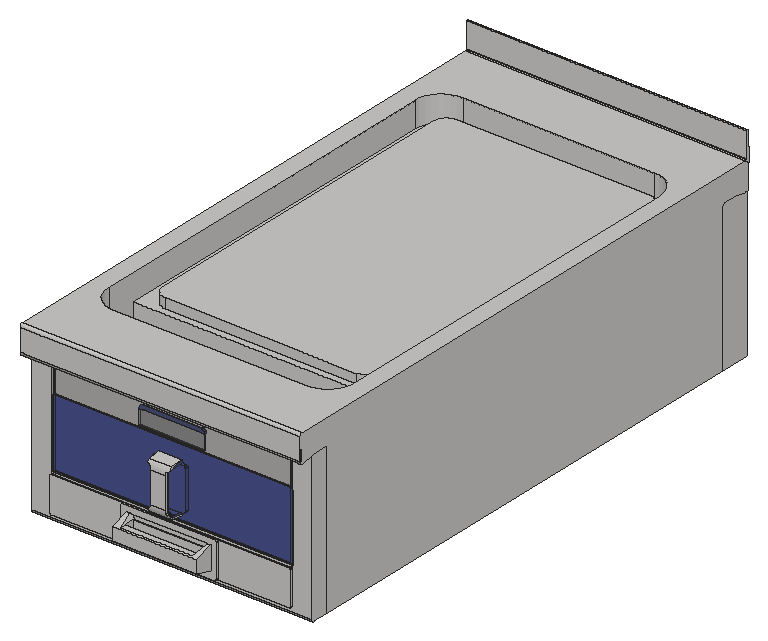
Revit family "QF_ELECTROLUXPROFESSIONAL_588057_MAHMABDOAO", category Specialty Equipment, Revit 2018
Family settings
  Round Connector Dimension = Use Diameter
  Part Type = Normal
  Work Plane-Based = No
  Always vertical = Yes
  Cut with Voids When Loaded = No
  Shared = No
  Room Calculation Point = No
Parameters
  Weight in Pounds = 152.1  # constant formula
  Watts = 5100 VA  # 5100 W
  Volts = 400 V  # constant formula
  URL Cutsheet = ""
  Type Mark [instance] = ""
  Status [instance] = ""
  Specification by User [instance] = ""
  Specification by Manufacturer = ""
  Show Clearance [instance] = yes
  Serial Number = ""
  Seismic Rating = ""
  SMACNA No = ""
  Revision Code [instance] = ""
  Phase = 3  # constant formula
  Omniclass Number and Title = ""
  Number of Poles [instance] = 1
  NAFEM Spec ID Number = ""
  Model = "588057"
  Min Ckt Ampacity = 0 A
  Max Overcurrent Protection = 0 A
  Masterspec = ""
  Manufacturer = "ELECTROLUX"
  Item Number [instance] = ""
  Installed By [instance] = ""
  Identify Quantity as Lot [instance] = yes
  HP = "6.8 HP"
  Furnished By [instance] = ""
  Foodservice Equipment Identifier [instance] = yes
  FL Amps [instance] = if(Phase = 3, Watts / (Volts * 1.73), Watts / Volts)  # 7.36994 A
  Electrical Remarks = "400 V/3N ph/50/60 Hz"  # constant formula
  Electric Connection Type [instance] = ""
  Elec Conn RI Height [instance] = 0 mm
  Elec Conn Connection Height [instance] = 0 mm
  Direct Waste Size = 0"
  Description = "EL.FRYTOP,SMOOTH PL,1S,BSPL,400X800X250"
  Cycle [instance] = if([60 Hertz Option], 60 Hz, 50 Hz)  # 60 Hz
  Conn Plug = ""
  Conn Conduit = yes
  CSI MasterFormat = ""
  CSI Master Format = ""
  Apparent Power [instance] = if(Phase = 3, Volts * FL Amps * 1.73, Volts * FL Amps)  # 5100 VA
  60 Hertz Option [instance] = not([50 Hertz Option])  # yes
  50 Hertz Option [instance] = no
Reference planes
  plane 1 "BACK": y = -100
  plane 2: z = 0
  plane 3 "LEFT": x = 0
  plane 4 "RIGHT": x = 400
  plane 5 "FRONT": y = -900
  plane 6 "TOP": z = 250
  plane 7: x = 200
  plane 8: y = -500
  plane 9: y = -1330
Forms (mm)
  Extrusion 1, solid, material "QF_Finishes_Stainless Steel"
    sketch origin (0, -487.128, 0) x (0, 1, 0) y (0, 0, 1)
      loop
        line (383.128, 250) -> (-408.872, 250)
        arc (-408.872, 250) -> (-411.7, 248.828) -> (-412.872, 246) r 4
        line (-412.872, 246) -> (-412.872, 214)
        arc (-412.872, 214) -> (-411.443, 210.936) -> (-408.177, 210.061) r 4
        line (-408.177, 210.061) -> (-391.509, 213) -> (-366.872, 213) -> (-366.872, 0) -> (341.128, 0) -> (341.128, 213) -> (365.765, 213) -> (382.433, 210.061)
        arc (382.433, 210.061) -> (385.699, 210.936) -> (387.128, 214) r 4
        line (387.128, 214) -> (387.128, 246)
        arc (387.128, 246) -> (385.956, 248.828) -> (383.128, 250) r 4
    from 0 to 400
  Extrusion 2, void
    sketch origin (653.786, -55.952, 250) x (1, 0, 0) y (0, -1, 0)
      loop
        line (-590.636, 133.048) -> (-316.936, 133.048)
        arc (-316.936, 133.048) -> (-289.96, 144.222) -> (-278.786, 171.198) r 38.15
        line (-278.786, 171.198) -> (-278.786, 716.572)
        arc (-278.786, 716.572) -> (-290.056, 743.779) -> (-317.263, 755.048) r 38.476
        line (-317.263, 755.048) -> (-591.786, 755.048)
        arc (-591.786, 755.048) -> (-617.949, 744.211) -> (-628.786, 718.048) r 37
        line (-628.786, 718.048) -> (-628.786, 171.198)
        arc (-628.786, 171.198) -> (-617.613, 144.222) -> (-590.636, 133.048) r 38.15
    from 0 to 37
  Extrusion 3, void
    sketch origin (1307.573, -7.904, 213) x (0, 1, 0) y (1, 0, 0)
      loop
        line (-721.846, -932.573) -> (-764.62, -932.573)
        arc (-764.62, -932.573) -> (-791.827, -943.842) -> (-803.096, -971.049) r 38.476
        line (-803.096, -971.049) -> (-803.096, -1245.573)
        arc (-803.096, -1245.573) -> (-792.259, -1271.736) -> (-766.096, -1282.573) r 37
        line (-766.096, -1282.573) -> (-721.846, -1282.573) -> (-721.846, -932.573)
    from 0 to 25.6
  Extrusion 4, void
    sketch origin (1307.573, -7.904, 187.4) x (-1, 0, 0) y (0, 1, 0)
      loop
        circle (1212.573, -762.096) r 22.248
    from 0 to 92
  Extrusion 5, solid, material "QF_Finishes_Stainless Steel"
    sketch origin (0, -854, 0) x (1, 0, 0) y (0, -1, 0)
      loop
        circle (355, -169) r 6.35
    from 0 to 3.2
  Extrusion 6, solid, material "QF_Door-Drawer Clearances", visible <- "Show Clearance", detail levels coarse
    sketch origin (237.31, -881.593, 8.62) x (0, 0, 1) y (-1, 0, 0)
      loop
        line (1.973, -134.295) -> (49.317, -134.295)
        arc (49.317, -134.295) -> (50.776, -133.691) -> (51.38, -132.232) r 2.063
        line (51.38, -132.232) -> (51.38, 206.852)
        arc (51.38, 206.852) -> (50.88, 208.549) -> (49.541, 209.705) r 3.133
        line (49.541, 209.705) -> (3.067, 209.705)
        arc (3.067, 209.705) -> (0.898, 208.807) -> (0, 206.638) r 3.067
        line (0, 206.638) -> (0, -132.322)
        arc (0, -132.322) -> (0.578, -133.717) -> (1.973, -134.295) r 1.973
    from 0 to 448.407
  Extrusion 7, solid, material "QF_Finishes_Stainless Steel"
    sketch origin (0, 0, 0) x (0, 1, 0) y (0, 0, 1)
      loop
        line (-102.951, 2) -> (-102.951, 210.133)
        arc (-102.951, 210.133) -> (-103.795, 210.009) -> (-104.646, 210.066) r 4
        line (-104.646, 210.066) -> (-121.287, 213) -> (-145, 213) -> (-145, 0) -> (-104.951, 0)
        arc (-104.951, 0) -> (-103.537, 0.586) -> (-102.951, 2) r 2
      loop
        arc (-101.951, 252.006) -> (-102.537, 250.592) -> (-103.951, 250.006) r 2
        arc (-103.951, 250.006) -> (-101.172, 248.828) -> (-100, 246) r 4
        line (-100, 246) -> (-100, 288.006) -> (-101.951, 288.006) -> (-101.951, 252.006)
    from 400 to 0
  Extrusion 8, solid, material "QF_Finishes_Stainless Steel"
    sketch origin (653.786, -55.952, 213) x (1, 0, 0) y (0, 1, 0)
      loop
        line (-608.786, -161.361) -> (-608.786, -645.485)
        arc (-608.786, -645.485) -> (-603.47, -658.319) -> (-590.636, -663.635) r 18.15
        line (-590.636, -663.635) -> (-316.936, -663.635)
        arc (-316.936, -663.635) -> (-304.102, -658.319) -> (-298.786, -645.485) r 18.15
        line (-298.786, -645.485) -> (-298.786, -161.361)
        arc (-298.786, -161.361) -> (-304.102, -148.527) -> (-316.936, -143.211) r 18.15
        line (-316.936, -143.211) -> (-590.636, -143.211)
        arc (-590.636, -143.211) -> (-603.47, -148.527) -> (-608.786, -161.361) r 18.15
    from 0 to 13.3
Cuts and joins
  Extrusion 2, Extrusion 3, Extrusion 4 cuts Extrusion 1
Lines and regions (mm)
  symbolic lines
    curve 1: line (183.666, -902.326, 0) -> (183.666, -900, 0)
    curve 2: spline (189.334, -903.73, 0) -> (188.856, -903.657, 0) -> (188.378, -903.575, 0) -> (187.901, -903.486, 0) -> (187.425, -903.389, 0) -> (186.95, -903.283, 0) -> (186.476, -903.17, 0) -> (186.004, -903.049, 0) -> (185.533, -902.92, 0) -> (185.064, -902.783, 0) -> (184.596, -902.638, 0) -> (184.13, -902.486, 0) -> (183.666, -902.326, 0)
    curve 3: line (215.881, -902.326, 0) -> (215.881, -900, 0)
    curve 4: spline (215.881, -902.326, 0) -> (215.417, -902.486, 0) -> (214.951, -902.638, 0) -> (214.483, -902.783, 0) -> (214.014, -902.92, 0) -> (213.543, -903.049, 0) -> (213.071, -903.17, 0) -> (212.597, -903.283, 0) -> (212.122, -903.389, 0) -> (211.646, -903.486, 0) -> (211.169, -903.575, 0) -> (210.691, -903.657, 0) -> (210.213, -903.73, 0)
    curve 5: line (189.334, -903.73, 0) -> (210.213, -903.73, 0)
    curve 6: line (25, -774, 0) -> (25, -227.15, 0)
    curve 7: arc (25, -227.15, 0) -> (36.174, -200.174, 0) -> (63.15, -189, 0) r 38.15
    curve 8: line (63.15, -189, 0) -> (336.85, -189, 0)
    curve 9: arc (336.85, -189, 0) -> (363.826, -200.174, 0) -> (375, -227.15, 0) r 38.15
    curve 10: line (375, -227.15, 0) -> (375, -772.524, 0)
    curve 11: arc (375, -772.524, 0) -> (363.731, -799.731, 0) -> (336.524, -811, 0) r 38.476
    curve 12: line (336.524, -811, 0) -> (62, -811, 0)
    curve 13: arc (62, -811, 0) -> (35.837, -800.163, 0) -> (25, -774, 0) r 37
    curve 14: line (375, -729.75, 0) -> (25, -729.75, 0)
    curve 15: circle (95, -770, 0) r 22.248 normal (0, 0, -1)
    curve 16: line (0, -100, 0) -> (400, -100, 0)
    curve 17: line (0, -900, 0) -> (0, -100, 0)
    curve 18: line (400, -900, 0) -> (0, -900, 0)
    curve 19: line (400, -100, 0) -> (400, -900, 0)
    curve 20: line (147.608, -908.767, 0) -> (250.042, -908.767, 0)
    curve 21: line (250.042, -908.767, 0) -> (251.588, -900, 0)
    curve 22: line (147.608, -908.767, 0) -> (146.062, -900, 0)
  symbolic lines, style "QF_Door-Drawer Clearances"
    curve 23: line (27.605, -1330, 0) -> (27.605, -900, 0)
    curve 24: line (27.605, -1330, 0) -> (371.605, -1330, 0)
    curve 25: line (371.605, -1330, 0) -> (371.605, -900, 0)
  symbolic lines, style "SpecialityEquipment"
    curve 26: arc (355, -217.313, 0) -> (349.684, -204.479, 0) -> (336.85, -199.163, 0) r 18.15
    curve 27: line (336.85, -199.163, 0) -> (63.15, -199.163, 0)
    curve 28: arc (63.15, -199.163, 0) -> (50.316, -204.479, 0) -> (45, -217.313, 0) r 18.15
    curve 29: line (45, -217.313, 0) -> (45, -701.437, 0)
    curve 30: arc (45, -701.437, 0) -> (50.316, -714.271, 0) -> (63.15, -719.587, 0) r 18.15
    curve 31: line (63.15, -719.587, 0) -> (336.85, -719.587, 0)
    curve 32: arc (336.85, -719.587, 0) -> (349.684, -714.271, 0) -> (355, -701.437, 0) r 18.15
    curve 33: line (355, -701.437, 0) -> (355, -217.313, 0)
Dimensions and locks
  plane 3 "LEFT" to plane 4 "RIGHT" = 400 mm
  plane 5 "FRONT" to plane 1 "BACK" = 800 mm
  equal spacing: plane 3 "LEFT", plane 7, plane 4 "RIGHT"
  equal spacing: plane 5 "FRONT", plane 8, plane 1 "BACK"
  plane 6 "TOP" to level = 250 mm  (x2)
  plane 1 "BACK" to plane 5 "FRONT" = 800 mm
  Extrusion 5 sketch curve to plane 1 "BACK" = 585 mm
  Extrusion 5 sketch curve to plane 4 "RIGHT" = 45 mm
  plane 5 "FRONT" to plane 9 = 430 mm
  Extrusion 7 to plane 6 "TOP" = 38.006 mm
  Extrusion 7 to level = 288.006 mm
  plane 1 "BACK" to Extrusion 5 = 585 mm
  radius of Extrusion 8 sketch curve = 18.15 mm  (x4)
  aligned and locked: level to plane 2
  aligned and locked: plane 7 to nested 1
  aligned and locked: Extrusion 6 to plane 9
  aligned and locked: Extrusion 7 to plane 4 "RIGHT"
Automatic sketch dimensions
  Extrusion 1 to Extrusion 2 sketch curve = 85 mm  (x2)
  Extrusion 1 to Extrusion 2 sketch curve = 122 mm
  Extrusion 1 to Extrusion 2 sketch curve = 25 mm
  Extrusion 2 sketch curve to Extrusion 2 sketch curve = 38.15 mm  (x2)
  Extrusion 1 to Extrusion 2 sketch curve = 123.476 mm
  Extrusion 2 sketch curve to Extrusion 2 sketch curve = 274.524 mm
  Extrusion 1 sketch curve to plane 5 "FRONT" = 0 mm
  Extrusion 1 sketch curve to plane 6 "TOP" = 0 mm
  Extrusion 1 sketch curve to level = 0 mm
  Extrusion 1 sketch curve to plane 1 "BACK" = 0 mm
  Extrusion 1 sketch curve to plane 6 "TOP" = 37 mm  (x2)
  Extrusion 1 sketch curve to plane 5 "FRONT" = 4 mm
  Extrusion 1 sketch curve to plane 5 "FRONT" = 21.363 mm
  Extrusion 1 sketch curve to plane 5 "FRONT" = 46 mm
  plane 1 "BACK" to Extrusion 1 sketch curve = 21.363 mm
  plane 1 "BACK" to Extrusion 1 sketch curve = 4 mm  (x2)
  Extrusion 1 sketch curve to Extrusion 1 sketch curve = 4 mm
  Extrusion 1 sketch curve to Extrusion 1 sketch curve = 0.695 mm
  Extrusion 1 sketch curve to Extrusion 1 sketch curve = 0 mm  (x4)
  plane 1 "BACK" to Extrusion 1 sketch curve = 4.695 mm
  Extrusion 1 sketch curve to Extrusion 1 sketch curve = 1 mm  (x2)
  plane 1 "BACK" to Extrusion 1 sketch curve = 46 mm
  Extrusion 3 sketch curve to Extrusion 2 = 81.25 mm
  Extrusion 2 to Extrusion 3 sketch curve = 0 mm  (x2)
  Extrusion 3 sketch curve to Extrusion 3 sketch curve = 37 mm
  Extrusion 3 sketch curve to Extrusion 3 sketch curve = 274.524 mm
  Extrusion 3 sketch curve to Extrusion 2 = 38.476 mm
  Extrusion 4 sketch curve to Extrusion 3 = 41 mm
  Extrusion 4 sketch curve to Extrusion 3 = 70 mm
  Extrusion 6 sketch curve to nested 1 = 1.973 mm
  Extrusion 6 sketch curve to nested 1 = 2.853 mm
  Extrusion 6 sketch curve to nested 1 = 1.839 mm
  plane 1 "BACK" to curve 16 = 0 mm
  curve 16 to plane 4 "RIGHT" = 0 mm
  curve 23 to plane 9 = 0 mm
  curve 17 to plane 3 "LEFT" = 0 mm
  plane 5 "FRONT" to curve 25 = 0 mm
  plane 4 "RIGHT" to curve 10 = 25 mm
  curve 10 to curve 8 = 38.15 mm
  curve 11 to curve 12 = 38.476 mm
  plane 5 "FRONT" to curve 21 = 8.767 mm
  plane 5 "FRONT" to curve 3 = 2.326 mm
  plane 7 to curve 3 = 15.881 mm
  plane 5 "FRONT" to curve 5 = 3.73 mm
  curve 3 to curve 5 = 5.669 mm
  curve 5 to curve 22 = 62.605 mm
  curve 5 to curve 20 = 41.727 mm
  plane 5 "FRONT" to curve 1 = 2.326 mm
  curve 2 to curve 1 = 5.669 mm
  plane 3 "LEFT" to curve 8 = 63.15 mm
  plane 3 "LEFT" to curve 12 = 62 mm
  plane 3 "LEFT" to curve 23 = 27.605 mm
  plane 3 "LEFT" to curve 6 = 25 mm
  plane 4 "RIGHT" to curve 25 = 28.395 mm
  plane 5 "FRONT" to curve 4 = 4.032 mm
  curve 5 to curve 4 = 4.17 mm
  curve 4 to curve 22 = 59.98 mm
  curve 4 to curve 2 = 12.538 mm
  curve 15 to curve 13 = 33 mm
  plane 1 "BACK" to curve 8 = 89 mm
  curve 10 to plane 5 "FRONT" = 127.476 mm
  curve 14 to curve 13 = 44.25 mm
  curve 15 to curve 13 = 4 mm
  curve 2 to curve 4 = 0 mm
  Extrusion 7 sketch curve to level = 0 mm
  Extrusion 7 sketch curve to plane 1 "BACK" = 0 mm  (x2)
  level to Extrusion 7 sketch curve = 2 mm
  Extrusion 7 sketch curve to plane 6 "TOP" = 0 mm
  plane 1 "BACK" to Extrusion 7 sketch curve = 1.951 mm
  plane 1 "BACK" to Extrusion 7 sketch curve = 2.951 mm
  Extrusion 7 sketch curve to Extrusion 7 sketch curve = 18.335 mm
  Extrusion 7 sketch curve to Extrusion 7 sketch curve = 40.049 mm
  Extrusion 7 sketch curve to Extrusion 7 sketch curve = 1.695 mm
  Extrusion 7 sketch curve to Extrusion 7 sketch curve = 0 mm  (x3)
  plane 1 "BACK" to Extrusion 7 sketch curve = 4 mm
  plane 1 "BACK" to Extrusion 7 sketch curve = 3.951 mm
  Extrusion 7 sketch curve to Extrusion 7 sketch curve = 2 mm
  Extrusion 7 sketch curve to Extrusion 7 sketch curve = 35.867 mm
  Extrusion 7 sketch curve to plane 6 "TOP" = 37 mm
  plane 6 "TOP" to Extrusion 7 sketch curve = 2.006 mm
  Extrusion 7 sketch curve to Extrusion 7 sketch curve = 36 mm
  Extrusion 7 sketch curve to Extrusion 7 sketch curve = 0.066 mm
  Extrusion 8 sketch curve to Extrusion 2 = 20 mm
  Extrusion 8 sketch curve to Extrusion 2 = 91.413 mm
  Extrusion 8 sketch curve to Extrusion 2 = 38.15 mm
  Extrusion 8 sketch curve to Extrusion 2 = 28.313 mm
  Extrusion 8 sketch curve to Extrusion 8 sketch curve = 0 mm
  plane 4 "RIGHT" to curve 33 = 45 mm
  plane 3 "LEFT" to curve 27 = 63.15 mm
  plane 1 "BACK" to curve 27 = 99.163 mm
  curve 27 to curve 8 = 0 mm
  curve 32 to curve 31 = 18.15 mm
  curve 31 to curve 14 = 38.15 mm
  curve 28 to curve 29 = 18.15 mm
  curve 29 to curve 14 = 28.313 mm
  plane 7 to curve 20 = 50.042 mm
  curve 21 to curve 20 = 1.546 mm
  radius of Extrusion 4 sketch curve = 22.248 mm
  radius of Extrusion 5 sketch curve = 6.35 mm
  radius of Extrusion 6 sketch curve to nested 1 = 0 mm  (x2)
  radius of curve 15 = 22.248 mm
Nested families
  nested 1: "EG_800_400 Front Panel with Center Grease Trap" at (202.376, -854, -650), type "EG_800_400 Front Panel with Center Grease Trap"
Connectors
  electrical at (355, -685, -3.2), driven by "Volts", driven by "Watts"
    settings: on Extrusion 5, index 1, voltage 400 V, apparent load 5100 VA, apparent load phase1 0 VA, apparent load phase2 0 VA, apparent load phase3 0 VA, power factor 1, load classification "Other", number of poles 1, system type 30, power factor state 1, is connector primary yes, connector utility no, sub classification motor no, connector description "ELECTRICAL CONNECTION"
Definition of nested family "EG_800_400 Front Panel with Center Grease Trap"
  Reference planes
    plane 1 "Center (Front/Back)": y = 0
    plane 2: z = 0
    plane 3 "Center (Left/Right)": x = -2.376
    plane 4: x = -202.376
    plane 5: x = 197.624
  Forms (mm)
    Extrusion 1, solid
      sketch origin (833.217, 829.203, -1.25) x (0, 1, 0) y (0, 0, 1)
        loop
          arc (-854.203, 654.25) -> (-853.324, 652.129) -> (-851.203, 651.25) r 3
          line (-851.203, 651.25) -> (-829.203, 651.25) -> (-829.203, 864.25) -> (-854.203, 864.25) -> (-854.203, 654.25)
      from -1035.593 to -635.593
    Extrusion 2, void
      sketch origin (33.217, 829.203, -1.25) x (1, 0, 0) y (0, 0, 1)
        loop
          line (-207.593, 855.116) -> (-207.593, 713.116) -> (136.407, 713.116) -> (136.407, 855.116) -> (-207.593, 855.116)
      from 848.59 to 854.203
  Cuts and joins
    Extrusion 2 cuts Extrusion 1
  Dimensions and locks
    equal spacing: plane 5, plane 3 "Center (Left/Right)", plane 4
    plane 5 to plane 4 = 400 mm
    aligned and locked: cut or joined group of Extrusion 1, Extrusion 2 to plane 4
    aligned and locked: plane 5 to cut or joined group of Extrusion 1, Extrusion 2
    aligned and locked: plane 3 "Center (Left/Right)" to nested 2
    aligned and locked: cut or joined group of Extrusion 1, Extrusion 2 to nested 2
    aligned and locked: plane 3 "Center (Left/Right)" to nested 1
    aligned and locked: plane 3 "Center (Left/Right)" to nested 3
  Automatic sketch dimensions
    Extrusion 1 sketch curve to plane 1 "Center (Front/Back)" = 0 mm
    plane 1 "Center (Front/Back)" to Extrusion 1 sketch curve = 22 mm
    Extrusion 1 sketch curve to Extrusion 1 sketch curve = 3 mm
    level to Extrusion 1 sketch curve = 650 mm
    Extrusion 1 sketch curve to Extrusion 1 sketch curve = 210 mm
    plane 4 to Extrusion 2 sketch curve = 28 mm
    Extrusion 2 sketch curve to plane 5 = 28 mm
    level to Extrusion 2 sketch curve = 711.866 mm
    Extrusion 2 sketch curve to Extrusion 2 sketch curve = 142 mm
  Nested families
    nested 1: "Range Control Handle" at (-2.376, -28.137, -209.113) x (-1, 0, 0) z (0, 0, 1), type "Range Control Handle"
    nested 2: "glass conrol panel" at (-2.376, 280.644, 2.752), type "glass conrol panel"
    nested 3: "grease trap door" at (65.223, -25, 0.608) x (-1, 0, 0) z (0, 0, 1), type "grease trap door"
  Definition of nested family "Range Control Handle"
    Reference planes
      plane 1 "Center (Front/Back)": y = 0
      plane 2: z = 0
      plane 3 "Center (Left/Right)": x = 0
      plane 4: z = 971.092
    Forms (mm)
      Extrusion 1, solid
        sketch origin (-746.28, 380.497, 208.931) x (-1, 0, 0) y (0, 0, 1)
          loop
            line (-770.101, 786.798) -> (-770.101, 731.649)
            arc (-770.101, 731.649) -> (-769.759, 730.563) -> (-768.855, 729.87) r 1.893
            line (-768.855, 729.87) -> (-763.474, 727.911) -> (-729.81, 727.911) -> (-724.428, 729.87)
            arc (-724.428, 729.87) -> (-723.525, 730.563) -> (-723.183, 731.649) r 1.893
            line (-723.183, 731.649) -> (-723.183, 786.798)
            arc (-723.183, 786.798) -> (-723.529, 787.894) -> (-724.44, 788.593) r 1.91
            line (-724.44, 788.593) -> (-729.683, 790.819) -> (-763.601, 790.819) -> (-768.844, 788.593)
            arc (-768.844, 788.593) -> (-769.755, 787.894) -> (-770.101, 786.798) r 1.91
        from -382.35 to -378.852
      Sweep 2, solid
        path origin (-746.788, 380.496, 208.091) x (0, -1, 0) y (0, 0, 1)
          loop
            line (379.775, 793.281) -> (395.661, 791.048)
            arc (395.661, 791.048) -> (397.781, 787.377) -> (398.517, 783.202) r 12.207
            line (398.517, 783.202) -> (398.517, 737.368)
            arc (398.517, 737.368) -> (397.781, 733.193) -> (395.661, 729.522) r 12.207
            line (395.661, 729.522) -> (379.775, 727.289)
        profile origin (-746.788, -7.222, 1000.256) x (0, -0.139173, 0.990268) y (-1, 0, 0)
          loop
            line (0.782, -763.123) -> (0.782, -730.907) -> (-1.322, -730.907) -> (-1.322, -763.123) -> (0.782, -763.123)
      Sweep 3, solid
        path origin (-746.788, 380.715, 207.832) x (0, -1, 0) y (0, 0, 1)
          loop
            line (380.478, 795.442) -> (397.218, 793.09)
            arc (397.218, 793.09) -> (399.929, 788.473) -> (400.871, 783.202) r 15.207
            line (400.871, 783.202) -> (400.871, 737.584)
            arc (400.871, 737.584) -> (399.914, 732.274) -> (397.164, 727.633) r 15.207
            line (397.164, 727.633) -> (380.601, 725.305)
        profile origin (-746.788, -8.132, 1002.099) x (0, -0.139173, 0.990268) y (-1, 0, 0)
          loop
            line (0.782, -763.123) -> (0.782, -730.907) -> (-1.322, -730.907) -> (-1.322, -763.123) -> (0.782, -763.123)
      Extrusion 4, void
        sketch origin (889.253, 220.666, 207.993) x (1, 0, 0) y (0, 0, 1)
          loop
            line (-943.038, 816.854) -> (-943.038, 703.686) -> (-899.466, 734.196) -> (-899.466, 786.344) -> (-943.038, 816.854)
        from 230.636 to 242.25
      Extrusion 5, void
        sketch origin (-888.8, 220.666, 207.993) x (-1, 0, 0) y (0, 0, -1)
          loop
            line (-943.038, -816.854) -> (-899.466, -786.344) -> (-899.466, -734.196) -> (-943.038, -703.686) -> (-943.038, -816.854)
        from 230.636 to 242.25
      Extrusion 6, solid
        sketch origin (0, 0, 0) x (1, 0, 0) y (0, 0, 1)
          loop
            circle (0, 971.092) r 7.736
        from -3.137 to -1.645
    Cuts and joins
      Extrusion 4, Extrusion 5 cuts Sweep 3
      Extrusion 4, Extrusion 5 cuts Sweep 2
      joined: Extrusion 1, Extrusion 6
    Lines and regions (mm)
      symbolic lines
        curve 1: line (23.821, 1.645, 0) -> (-23.097, 1.645, 0)
        curve 2: line (16.334, -1.853, 0) -> (23.821, -1.853, 0)
        curve 3: line (-15.881, -19.189, 0) -> (-15.881, -1.853, 0)
        curve 4: line (-23.097, -1.853, 0) -> (-15.881, -1.853, 0)
        curve 5: line (16.334, -19.189, 0) -> (16.334, -1.853, 0)
        curve 6: spline (-15.881, -19.189, 0) -> (-15.417, -19.349, 0) -> (-14.951, -19.501, 0) -> (-14.483, -19.646, 0) -> (-14.014, -19.783, 0) -> (-13.543, -19.912, 0) -> (-13.071, -20.033, 0) -> (-12.597, -20.146, 0) -> (-12.122, -20.251, 0) -> (-11.646, -20.349, 0) -> (-11.169, -20.438, 0) -> (-10.691, -20.52, 0) -> (-10.213, -20.593, 0)
        curve 7: spline (10.666, -20.593, 0) -> (11.144, -20.52, 0) -> (11.622, -20.438, 0) -> (12.099, -20.349, 0) -> (12.575, -20.251, 0) -> (13.05, -20.146, 0) -> (13.524, -20.033, 0) -> (13.996, -19.912, 0) -> (14.467, -19.783, 0) -> (14.936, -19.646, 0) -> (15.404, -19.501, 0) -> (15.87, -19.349, 0) -> (16.334, -19.189, 0)
        curve 8: line (-10.213, -20.938, 0) -> (10.716, -20.938, 0)
        curve 9: line (-23.097, 1.645, 0) -> (-23.097, -1.853, 0)
        curve 10: line (23.821, 1.645, 0) -> (23.821, -1.853, 0)
  Definition of nested family "glass conrol panel"
    Reference planes
      plane 1 "Center (Front/Back)": y = 0
      plane 2: z = 0
      plane 3 "Center (Left/Right)": x = 0
    Forms (mm)
      Extrusion 1, solid
        sketch origin (378.286, 0, 0.617) x (1, 0, 0) y (0, 0, 1)
          loop
            line (-550.286, 806.791) -> (-550.286, 708.497) -> (-206.286, 708.497) -> (-206.286, 806.791) -> (-550.286, 806.791)
        from 300.031 to 304.8
      Extrusion 2, solid
        sketch origin (378.286, 0, 0.617) x (1, 0, 0) y (0, 0, 1)
          loop
            line (-550.286, 850.497) -> (-550.286, 806.791) -> (-206.286, 806.791) -> (-206.286, 850.497) -> (-550.286, 850.497)
        from 300.031 to 304.8
      Extrusion 3, void
        sketch origin (378.286, 0, 0.617) x (1, 0, 0) y (0, 0, 1)
          loop
            line (-547.628, 847.565) -> (-547.628, 710.699) -> (-209.196, 710.699) -> (-209.196, 847.565) -> (-547.628, 847.565)
        from 303.697 to 304.8
      Extrusion 4, solid
        sketch origin (-308.309, 1.101, -0.633) x (-1, 0, 0) y (0, 0, -1)
          loop
            line (-261.431, -812.62) -> (-355.186, -812.62) -> (-355.186, -834.177) -> (-350.269, -834.177) -> (-348.469, -835.977) -> (-268.039, -835.977) -> (-266.24, -834.177) -> (-261.431, -834.177) -> (-261.431, -812.62)
        from 304.798 to 306.745
      Extrusion 5, solid
        sketch origin (-308.309, 1.101, -0.633) x (-1, 0, 0) y (0, 0, -1)
          loop
            line (-350.269, -834.177) -> (-355.078, -834.177)
            arc (-355.078, -834.177) -> (-353.942, -838.747) -> (-349.686, -840.763) r 5.5
            line (-349.686, -840.763) -> (-266.98, -840.763)
            arc (-266.98, -840.763) -> (-262.706, -838.752) -> (-261.529, -834.177) r 5.549
            line (-261.529, -834.177) -> (-266.24, -834.177) -> (-268.039, -835.977) -> (-348.469, -835.977) -> (-350.269, -834.177)
        from 304.798 to 306.745
    Cuts and joins
      Extrusion 3 cuts Extrusion 1
      Extrusion 3 cuts Extrusion 2
    Dimensions and locks
      aligned and locked: Extrusion 1 to Extrusion 2
      aligned and locked: Extrusion 5 sketch curve to Extrusion 4  (x5)
      aligned and locked: Extrusion 5 to Extrusion 4
  Definition of nested family "grease trap door"
    Reference planes
      plane 1 "Center (Front/Back)": y = 0
      plane 2: z = 0
      plane 3 "Center (Left/Right)": x = 0
    Forms (mm)
      Extrusion 1, solid
        sketch origin (1627.55, 854.203, -1.25) x (1, 0, 0) y (0, 0, 1)
          loop
            arc (-1627.55, 661.235) -> (-1626.972, 659.84) -> (-1625.577, 659.262) r 1.973
            line (-1625.577, 659.262) -> (-1494.325, 659.262)
            arc (-1494.325, 659.262) -> (-1492.156, 660.16) -> (-1491.258, 662.329) r 3.067
            line (-1491.258, 662.329) -> (-1491.258, 708.803)
            arc (-1491.258, 708.803) -> (-1492.414, 710.143) -> (-1494.111, 710.642) r 3.133
            line (-1494.111, 710.642) -> (-1625.486, 710.642)
            arc (-1625.486, 710.642) -> (-1626.945, 710.038) -> (-1627.55, 708.579) r 2.063
            line (-1627.55, 708.579) -> (-1627.55, 661.235)
        from 856.795 to 859.203
      Extrusion 2, solid
        sketch origin (445.874, 2476.61, 0) x (0, 1, 0) y (0, 0, 1)
          loop
            line (-2506.377, 675.273) -> (-2481.61, 667.505) -> (-2481.61, 700.995) -> (-2506.377, 693.227) -> (-2506.377, 675.273)
        from -437.68 to -317.68
      Extrusion 3, void
        sketch origin (1627.55, 854.203, -1.25) x (1, 0, 0) y (0, 0, 1)
          loop
            line (-1614.883, 703) -> (-1610.542, 695.433) -> (-1508.17, 695.433) -> (-1503.828, 703) -> (-1614.883, 703)
          loop
            line (-1614.883, 668) -> (-1502.669, 668) -> (-1507.01, 675.567) -> (-1610.542, 675.567) -> (-1614.883, 668)
        from 832.916 to 883.97
      Extrusion 4, void
        sketch origin (447.55, 854.203, -1.25) x (1, 0, 0) y (0, 0, 1)
          loop
            line (-430.542, 695.433) -> (-430.542, 675.567) -> (-328.17, 675.567) -> (-328.17, 695.433) -> (-430.542, 695.433)
        from 859.203 to 874.202
      Extrusion 5, solid
        sketch origin (1627.55, 854.203, -1.25) x (1, 0, 0) y (0, 0, 1)
          loop
            arc (-1731.556, 661.235) -> (-1730.978, 659.84) -> (-1729.583, 659.262) r 1.973
            line (-1729.583, 659.262) -> (-1390.623, 659.262)
            arc (-1390.623, 659.262) -> (-1388.454, 660.16) -> (-1387.556, 662.329) r 3.067
            line (-1387.556, 662.329) -> (-1387.556, 708.803)
            arc (-1387.556, 708.803) -> (-1388.712, 710.143) -> (-1390.409, 710.642) r 3.133
            line (-1390.409, 710.642) -> (-1729.493, 710.642)
            arc (-1729.493, 710.642) -> (-1730.952, 710.038) -> (-1731.556, 708.579) r 2.063
            line (-1731.556, 708.579) -> (-1731.556, 661.235)
        from 854.203 to 856.795
    Cuts and joins
      Extrusion 3 cuts Extrusion 1
      Extrusion 3, Extrusion 4 cuts Extrusion 2
      joined: Extrusion 1, Extrusion 2
    Lines and regions (mm)
      symbolic lines
        curve 1: line (0, -2.593, 0) -> (136.292, -2.593, 0)
        curve 2: line (17.557, -29.767, 0) -> (12.667, -2.593, 0)
        curve 3: line (17.557, -29.767, 0) -> (119.991, -29.767, 0)
        curve 4: line (119.991, -29.767, 0) -> (124.881, -2.593, 0)
        curve 5: line (68.146, -2.593, 0) -> (68.146, -29.767, 0)
      model lines
        curve 6: line (67.599, 0, 658.012) -> (67.599, 0, 709.392)
    Dimensions and locks
      aligned and locked: Extrusion 2 to Extrusion 1
      aligned and locked: Extrusion 3 to Extrusion 2
      aligned and locked: Extrusion 4 to Extrusion 1
